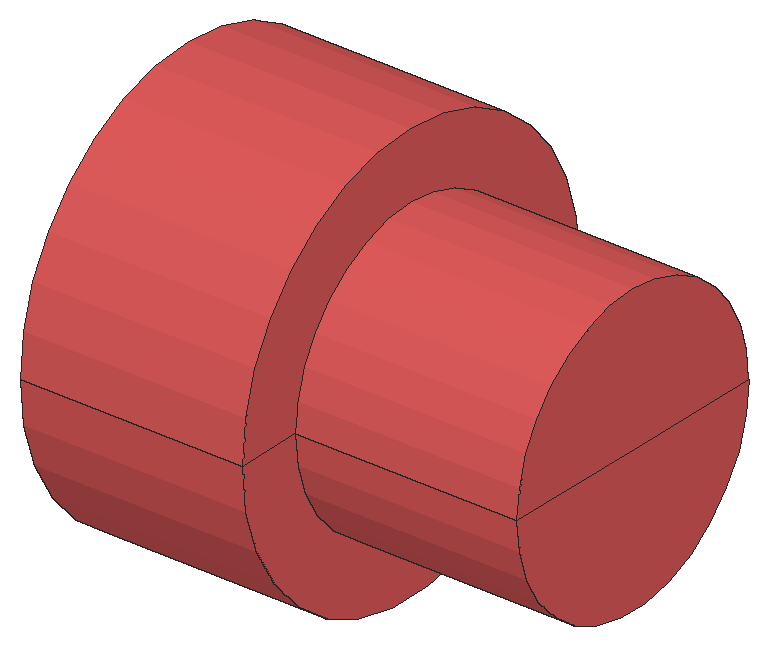
Revit family "Smu_Reducao2", category Pipe Fittings, Revit 2025
Family settings
  Round Connector Dimension = Use Diameter
  Part Type = Union
  Work Plane-Based = No
  Always vertical = No
  Cut with Voids When Loaded = No
  Shared = Yes
Parameters
  Tabela [instance] = "Duc_JGS_Reducoes"
  Nominal Radius2 [instance] = Corpo_R2  # 113.85 mm
  Nominal Radius [instance] = Corpo_R1  # 165.85 mm
  Nominal Diameter2 [instance] = 200.0 mm
  Nominal Diameter [instance] = 300.0 mm
  Material_Conexao = FoFo_SMU
  Manufacturer = "SGC"
  Loss Method = Not Defined
  K Coefficient Table = "Tee"
  EK7 [instance] = size_lookup(Tabela, "EK7", 5.2 mm, Nominal Diameter, Nominal Diameter2)  # 5.7 mm
  Description = "Reduções concecêntricas com bolsas"
  Default Elevation = 0.0 mm
  Corpo_R2 [instance] = Corpo_DE2 / 2  # 113.85 mm
  Corpo_R1 [instance] = Corpo_DE1 / 2  # 165.85 mm
  Corpo_L [instance] = size_lookup(Tabela, "Corpo_L", 200.0 mm, Nominal Diameter, Nominal Diameter2)  # 350.0 mm
  Corpo_DE2 [instance] = size_lookup(Tabela, "Bolsa_DE2", 54.2 mm, Nominal Diameter, Nominal Diameter2) + EK7  # 227.7 mm
  Corpo_DE1 [instance] = size_lookup(Tabela, "Bolsa_DE", 54.2 mm, Nominal Diameter, Nominal Diameter2) + EK7  # 331.7 mm
  Angle [instance] = 0.00°
Reference planes
  plane 1 "Center (Front/Back)": y = 0
  plane 2: z = 0
  plane 3 "Center (Left/Right)": x = 468.25
  plane 4 "EE": x = 293.25
  plane 5 "ED": x = 643.25
  plane 6: y = 165.85
  plane 7: y = 113.85
Forms (mm)
  Revolve 1, solid, material "FoFo_SMU" <- "Material_Conexao"
    sketch origin (0, 0, 0) x (1, 0, 0) y (0, 1, 0)
      loop
        line (293.25, 0) -> (643.25, 0) -> (643.25, 113.85) -> (468.25, 113.85) -> (468.25, 165.85) -> (293.25, 165.85) -> (293.25, 0)
      axis (293.25, 0) -> (643.25, 0)
    angle from 0 to 360
Dimensions and locks
  "Corpo_L": plane 4 "EE" to plane 5 "ED"
  equal spacing: plane 4 "EE", plane 3 "Center (Left/Right)", plane 5 "ED"
  "Nominal Radius2": plane 1 "Center (Front/Back)" to plane 7
  "Nominal Radius": plane 1 "Center (Front/Back)" to plane 6
  aligned and locked: Revolve 1 sketch curve to Revolve 1 sketch curve
  aligned and locked: plane 7 to Revolve 1 sketch curve
  aligned and locked: plane 6 to Revolve 1 sketch curve
  aligned and locked: Revolve 1 sketch curve to plane 4 "EE"
  aligned and locked: plane 5 "ED" to Revolve 1 sketch curve
Automatic sketch dimensions
  Revolve 1 sketch curve to plane 1 "Center (Front/Back)" = 0.0 mm
  Revolve 1 sketch curve to plane 4 "EE" = 0.0 mm
  Revolve 1 sketch curve to plane 3 "Center (Left/Right)" = 0.0 mm
  Revolve 1 sketch curve to plane 5 "ED" = 0.0 mm
Connectors
  piping at (643.25, 0, 0), diameter 200, driven by "Nominal Diameter2"
    settings: on Revolve 1, index 1, connector inside diameter 609.6 mm, connector length 0.0 mm, flow factor 0, pipe flow 0 L/s, pressure drop 0.00 psi, fitting loss kfactor 0, connector angle 0.00°, fixture units 0, engagement length 0.0 mm, angle of deflection 0.00°, flow configuration 0, flow direction 0, fitting loss method 0, system type 28, joint type 0, gender type 0, connector reference index -1, connector utility 0, adjustable connector no, is connector primary yes, connector description ""
  piping at (293.25, 0, 0), diameter 300, driven by "Nominal Diameter"
    settings: on Revolve 1, index 2, connector inside diameter 609.6 mm, connector length 0.0 mm, flow factor 0, pipe flow 0 L/s, pressure drop 0.00 psi, fitting loss kfactor 0, connector angle 0.00°, fixture units 0, engagement length 0.0 mm, angle of deflection 0.00°, flow configuration 0, flow direction 0, fitting loss method 0, system type 28, joint type 0, gender type 0, connector reference index -1, connector utility 0, adjustable connector no, is connector primary no, connector description ""
